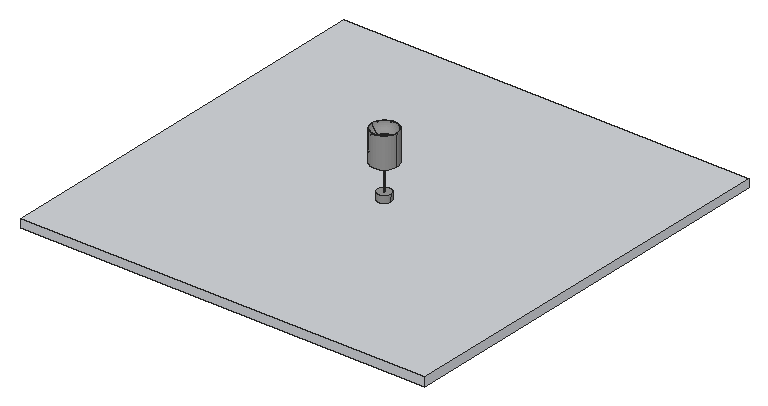
Revit family "LAMP_KOMBIC 150 SURFACE 3000 CRI80 OPAL", category Luminarias, Revit 2018
Family settings
  Anfitrión = Cara
  Cota de conector redondo = Diámetro de uso
  Tipo de pieza = Normal
  Corte con vacíos al cargar = No
  Origen de luz = Sí
  Compartido = No
  Punto de cálculo de habitación = No
Parameters (values of type "2010LM 3000K  M/B")
  Ángulo de inclinación = -90.00°
  Weight = 1.478 kg
  UGR = ""
  Type = "COB PHILIPS"
  Protection rating = "IP40"
  Product datasheet = "http://www.lamp.es/product-files/TECH/K21SF3040OP830NMB-EN.pdf"
  Product code = "K21SF3040OP830NMB"
  Product URL = "https://www.lamp.es/en/family/kombic-surface_474354"
  Power Supply = "220-240V 50/60Hz"
  Power = 17.6 W
  Plum = 19.8 W
  Modelo = Product code  # "K21SF3040OP830NMB"
  Model explanation = "Possibility of chossing between surface or suspended within the model"
  Material reflector = LAMP_PC Reflector Kombic Metalizado Mate
  Material floron = LAMP_Plástico genérico NG
  Material difusor = LAMP_PMMA Difusor Kombic
  Material cuerpo = LAMP_Plástico genérico NG
  Material cable suspension = LAMP_Acero genérico
  Manufacturer name = "LAMP"
  Manufacturer country = "Spain"
  Manufacturer URL = "http://www.lamp.es/en"
  MacAdam = "3"
  Luminaire type = "Suspended"
  Last update = "02/09/2021"
  Lamp = "COB LED"
  LED Lifetime = "50.000 L80 B10"
  Insulation class = "II"
  Installation instructions = "https://www.lamp.es/product-files/packed/by-family/474354_INS_all.zip"
  IEE = "A+"
  Height suspension [instance] = 200 mm
  Height distance [instance] = if(Surface, 0.1 mm, if(Ceiling rose, if(Height suspension > 38 mm, if(Height suspension < 2000 mm, Height suspension, 2000 mm), 38 mm), 37 mm))  # 200 mm
  Wattage = 19.8 W
  built-in parameter 1150107 = 3000 (stored number, unit not read)
  Surface [instance] = no
  built-in parameter 1150110 = 1 (stored number, unit not read)
  built-in parameter 1150109 = 1 (stored number, unit not read)
  built-in parameter 1150112 = 1 (stored number, unit not read)
  built-in parameter 1150113 = 1 (stored number, unit not read)
  built-in parameter 1114218 = 1 (stored number, unit not read)
  built-in parameter 1150137 = (empty or 0)
  built-in parameter 1150132 = 2
  built-in parameter 1150105 = 1989.3 (stored number, unit not read)
  built-in parameter 1150102 = (empty or 0)
  built-in parameter 1150106 = 19.893 (stored number, unit not read)
  Height = 180 mm
  Gear = "Electronic"
  Lumens = 2009.7 lm
  Finish = "Matte black RAL 9011"
  Color Filter = 16777215
  built-in parameter 1114217 = 1 (stored number, unit not read)
  built-in parameter 1150139 = (empty or 0)
  Fabricante = Manufacturer name  # "LAMP"
  Default Elevation = 1219.2 mm
  built-in parameter 1150104 = 9.4297 (stored number, unit not read)
  Efficacy = 101.5 lm/W
  Diameter = 150 mm
  built-in parameter 1150115 = 1 (stored number, unit not read)
  built-in parameter 1150114 = 1 (stored number, unit not read)
  built-in parameter 1150138 = (empty or 0)
  built-in parameter 1150134 = (empty or 0)
  Ceiling rose [instance] = not(Surface)  # yes
  Dimming Lamp Color Temperature Shift = (empty or 0)
  CRI = "80"
  Archivo de red fotométrica = "K21SF3040OP830NMB.IES"
  built-in parameter 1150133 = 10 (stored number, unit not read)
Types (12, lengths in mm): name | Product datasheet | Product code | Modelo | Material reflector | Material floron | Material cuerpo | Wattage | built-in parameter 1150107 | built-in parameter 1150105 | built-in parameter 1150106 | Lumens | Finish | built-in parameter 1150104 | Efficacy | built-in parameter 1150134 | Archivo de red fotométrica
  2010LM 3000K  M/B | "http://www.lamp.es/product-files/TECH/K21SF3040OP830NMB-EN.pdf" | "K21SF3040OP830NMB" | "K21SF3040OP830NMB" | LAMP_PC Reflector Kombic Metalizado Mate | LAMP_Plástico genérico NG | LAMP_Plástico genérico NG | 19.8 W | 3000 (stored number, unit not read) | 1989.3 (stored number, unit not read) | 19.893 (stored number, unit not read) | 2009.7 lm | "Matte black RAL 9011" | 9.4297 (stored number, unit not read) | 101.5 lm/W | (empty or 0) | "K21SF3040OP830NMB.IES"
  2010LM 3000K  M/W | "http://www.lamp.es/product-files/TECH/K21SF3040OP830NMW-EN.pdf" | "K21SF3040OP830NMW" | "K21SF3040OP830NMW" | LAMP_PC Reflector Kombic Metalizado Mate | LAMP_Plástico genérico BL | LAMP_Plástico genérico BL | 19.8 W | 3000 (stored number, unit not read) | 1989.3 (stored number, unit not read) | 19.893 (stored number, unit not read) | 2009.7 lm | "Matte white RAL 9010" | 9.4297 (stored number, unit not read) | 101.5 lm/W | (empty or 0) | "K21SF3040OP830NMW.IES"
  2074LM 3000K  W/B | "http://www.lamp.es/product-files/TECH/K21SF3040OP830NWB-EN.pdf" | "K21SF3040OP830NWB" | "K21SF3040OP830NWB" | LAMP_PC Reflector Kombic Blanco | LAMP_Plástico genérico NG | LAMP_Plástico genérico NG | 19.8 W | 3000 (stored number, unit not read) | 2052.1 (stored number, unit not read) | 20.521 (stored number, unit not read) | 2073.06 lm | "Matte black RAL 9011" | 9.7269 (stored number, unit not read) | 104.7 lm/W | (empty or 0) | "K21SF3040OP830NWB.IES"
  2074LM 3000K  W/W | "http://www.lamp.es/product-files/TECH/K21SF3040OP830NWW-EN.pdf" | "K21SF3040OP830NWW" | "K21SF3040OP830NWW" | LAMP_PC Reflector Kombic Blanco | LAMP_Plástico genérico BL | LAMP_Plástico genérico BL | 18.9 W | 3000 (stored number, unit not read) | 1958.8 (stored number, unit not read) | 19.588 (stored number, unit not read) | 1978.83 lm | "Matte white RAL 9010" | 9.7269 (stored number, unit not read) | 104.7 lm/W | (empty or 0) | "K21SF3040OP830NWW.IES"
  2094LM 4000K  M/B | "http://www.lamp.es/product-files/TECH/K21SF3040OP840NMB-EN.pdf" | "K21SF3040OP840NMB" | "K21SF3040OP840NMB" | LAMP_PC Reflector Kombic Metalizado Mate | LAMP_Plástico genérico NG | LAMP_Plástico genérico NG | 19.8 W | 4000 (stored number, unit not read) | 2073.6 (stored number, unit not read) | 20.736 (stored number, unit not read) | 2094.84 lm | "Matte black RAL 9011" | 9.8291 (stored number, unit not read) | 105.8 lm/W | 12 | "K21SF3040OP840NMB.IES"
  2094LM 4000K  M/W | "http://www.lamp.es/product-files/TECH/K21SF3040OP840NMW-EN.pdf" | "K21SF3040OP840NMW" | "K21SF3040OP840NMW" | LAMP_PC Reflector Kombic Metalizado Mate | LAMP_Plástico genérico BL | LAMP_Plástico genérico BL | 19.8 W | 4000 (stored number, unit not read) | 2073.6 (stored number, unit not read) | 20.736 (stored number, unit not read) | 2094.84 lm | "Matte white RAL 9010" | 9.8291 (stored number, unit not read) | 105.8 lm/W | 12 | "K21SF3040OP840NMW.IES"
  2096LM 3000K  BR/B | "http://www.lamp.es/product-files/TECH/K21SF3040OP830NRB-EN.pdf" | "K21SF3040OP830NRB" | "K21SF3040OP830NRB" | LAMP_PC Reflector Kombic Metalizado Brillante | LAMP_Plástico genérico NG | LAMP_Plástico genérico NG | 19.8 W | 3000 (stored number, unit not read) | 2075.6 (stored number, unit not read) | 20.756 (stored number, unit not read) | 2096.82 lm | "Matte black RAL 9011" | 9.8384 (stored number, unit not read) | 105.9 lm/W | (empty or 0) | "K21SF3040OP830NRB.IES"
  2096LM 3000K  BR/W | "http://www.lamp.es/product-files/TECH/K21SF3040OP830NRW-EN.pdf" | "K21SF3040OP830NRW" | "K21SF3040OP830NRW" | LAMP_PC Reflector Kombic Metalizado Brillante | LAMP_Plástico genérico BL | LAMP_Plástico genérico BL | 19.8 W | 3000 (stored number, unit not read) | 2075.6 (stored number, unit not read) | 20.756 (stored number, unit not read) | 2096.82 lm | "Matte white RAL 9010" | 9.8384 (stored number, unit not read) | 105.9 lm/W | (empty or 0) | "K21SF3040OP830NRW.IES"
  2161LM 4000K  W/B | "http://www.lamp.es/product-files/TECH/K21SF3040OP840NWB-EN.pdf" | "K21SF3040OP840NWB" | "K21SF3040OP840NWB" | LAMP_PC Reflector Kombic Blanco | LAMP_Plástico genérico NG | LAMP_Plástico genérico NG | 19.8 W | 4000 (stored number, unit not read) | 2138.3 (stored number, unit not read) | 21.383 (stored number, unit not read) | 2160.18 lm | "Matte black RAL 9011" | 10.136 (stored number, unit not read) | 109.1 lm/W | 12 | "K21SF3040OP840NWB.IES"
  2161LM 4000K  W/W | "http://www.lamp.es/product-files/TECH/K21SF3040OP840NWW-EN.pdf" | "K21SF3040OP840NWW" | "K21SF3040OP840NWW" | LAMP_PC Reflector Kombic Blanco | LAMP_Plástico genérico BL | LAMP_Plástico genérico BL | 19.8 W | 4000 (stored number, unit not read) | 2138.3 (stored number, unit not read) | 21.383 (stored number, unit not read) | 2160.18 lm | "Matte white RAL 9010" | 10.136 (stored number, unit not read) | 109.1 lm/W | 12 | "K21SF3040OP840NWW.IES"
  2184LM 4000K  BR/B | "http://www.lamp.es/product-files/TECH/K21SF3040OP840NRB-EN.pdf" | "K21SF3040OP840NRB" | "K21SF3040OP840NRB" | LAMP_PC Reflector Kombic Metalizado Brillante | LAMP_Plástico genérico NG | LAMP_Plástico genérico NG | 19.8 W | 4000 (stored number, unit not read) | 2161.8 (stored number, unit not read) | 21.618 (stored number, unit not read) | 2183.94 lm | "Matte black RAL 9011" | 10.247 (stored number, unit not read) | 110.3 lm/W | 12 | "K21SF3040OP840NRB.IES"
  2184LM 4000K  BR/W | "http://www.lamp.es/product-files/TECH/K21SF3040OP840NRW-EN.pdf" | "K21SF3040OP840NRW" | "K21SF3040OP840NRW" | LAMP_PC Reflector Kombic Metalizado Brillante | LAMP_Plástico genérico BL | LAMP_Plástico genérico BL | 19.8 W | 4000 (stored number, unit not read) | 2161.8 (stored number, unit not read) | 21.618 (stored number, unit not read) | 2183.94 lm | "Matte white RAL 9010" | 10.247 (stored number, unit not read) | 110.3 lm/W | 12 | "K21SF3040OP840NRW.IES"
Reference planes
  plane 1 "Centro (Frontal/Posterior)": y = 0
  plane 2: z = 0
  plane 3 "Centro (Izquierda/Derecha)": x = 0
Forms (mm)
  Extrusion 1, solid
    sketch origin (0, 0, 0) x (1, 0, 0) y (0, 1, 0)
      loop
        line (-1219.2, 1219.2) -> (-1219.2, -1219.2) -> (1219.2, -1219.2) -> (1219.2, 1219.2) -> (-1219.2, 1219.2)
    from 0 to -50
  Extrusion 2, solid, material "LAMP_Plástico genérico NG" <- "Material cuerpo"
    sketch origin (0, 0, 0) x (1, 0, 0) y (0, 1, 0)
      loop
        circle (0, 0) r 77.5
    from 200 to 380
  Extrusion 3, void
    sketch origin (0, 0, 0) x (1, 0, 0) y (0, 1, 0)
      loop
        circle (0, 0) r 76.5
    from 270.588 to 380
  Sweep 4, solid, material "LAMP_PC Reflector Kombic Metalizado Mate" <- "Material reflector"
    path origin (105.103, -251.845, 380) x (1, 0, 0) y (0, 1, 0)
      loop
        circle (-105.103, 251.959) r 48
    profile origin (0, 48.114, 380) x (0, -1, 0) y (0, 0, 1)
      loop
        arc (-28.386, 0) -> (-15.5, -31.664) -> (14.364, -48.3) r 51.542
        line (14.364, -48.3) -> (14.364, -47.3)
        arc (14.364, -47.3) -> (-14.949, -31.098) -> (-27.386, 0) r 49.836
        line (-27.386, 0) -> (-28.386, 0)
  Extrusion 5, solid, material "LAMP_PMMA Difusor Kombic" <- "Material difusor"
    sketch origin (0, 0, 0) x (1, 0, 0) y (0, 1, 0)
      loop
        circle (0, 0) r 33.636
    from 331.7 to 332.7
  Extrusion 6, solid, material "LAMP_Plástico genérico NG" <- "Material floron", visible <- "Ceiling rose"
    sketch origin (0, 0, 0) x (1, 0, 0) y (0, 1, 0)
      loop
        circle (0, 0) r 42
    from 0 to 37
  Extrusion 7, solid, material "LAMP_Acero genérico" <- "Material cable suspension", visible <- "Ceiling rose"
    sketch origin (0, 0, 0) x (1, 0, 0) y (0, 1, 0)
      loop
        circle (0, 0) r 1
    from 37 to 200
Cuts and joins
  Extrusion 3 cuts Extrusion 2
Text (mm)
  text "Any modification of the parameters and properties of the LAMP BIM models must be executed and validated by the LAMP technical department.\nPhone: +34 93 736 68 00\nE-mail: lamp@lamp.es\n\nLAMP reserves the right to modify the technical specifications of its products." at (1856.491, -4316.333, -2622.127), in view "Preview"
Dimensions and locks
  "Height distance": Extrusion 2 to Extrusion 1
  locked: Extrusion 2 to Extrusion 2 at 180
  locked: cut or joined group of Extrusion 2, Extrusion 3 to cut or joined group of Extrusion 2, Extrusion 3 at 109.412
  aligned and locked: plane 2 to Extrusion 1
  aligned and locked: level to Extrusion 1
  aligned and locked: Extrusion 2 to Extrusion 3
  aligned and locked: Extrusion 7 to Extrusion 6
  aligned and locked: Extrusion 7 to cut or joined group of Extrusion 2, Extrusion 3
  aligned and locked: imposter light to cut or joined group of Extrusion 2, Extrusion 3
  aligned and locked: Extrusion 5 to Sweep 4  (x2)
Automatic sketch dimensions
  Extrusion 1 sketch curve to Extrusion 1 sketch curve = 2438.4 mm  (x2)
  plane 1 "Centro (Frontal/Posterior)" to Extrusion 2 sketch curve = 0 mm
  Extrusion 2 sketch curve to plane 3 "Centro (Izquierda/Derecha)" = 0 mm
  plane 1 "Centro (Frontal/Posterior)" to Extrusion 3 sketch curve = 0 mm
  Extrusion 3 sketch curve to plane 3 "Centro (Izquierda/Derecha)" = 0 mm
  plane 1 "Centro (Frontal/Posterior)" to Extrusion 6 sketch curve = 0 mm
  Extrusion 6 sketch curve to plane 3 "Centro (Izquierda/Derecha)" = 0 mm
  plane 1 "Centro (Frontal/Posterior)" to Extrusion 7 sketch curve = 0 mm
  Extrusion 7 sketch curve to plane 3 "Centro (Izquierda/Derecha)" = 0 mm
  Sweep 4 sketch curve to profile plane = 0 mm
  profile plane to Sweep 4 sketch curve = 28.386 mm
  profile plane to Sweep 4 sketch curve = 1.881 mm
  Sweep 4 sketch curve to profile plane = 22.414 mm
  Sweep 4 sketch curve to Sweep 4 sketch curve = 0.681 mm
  Sweep 4 sketch curve to Sweep 4 sketch curve = 1 mm  (x2)
  Sweep 4 sketch curve to profile plane = 14.364 mm
  plane 1 "Centro (Frontal/Posterior)" to Extrusion 5 sketch curve = 0 mm
  Extrusion 5 sketch curve to plane 3 "Centro (Izquierda/Derecha)" = 0 mm
  radius of Extrusion 2 sketch curve = 77.5 mm
  radius of Extrusion 3 sketch curve = 76.5 mm
  radius of Sweep 4 sketch curve = 48 mm
  radius of Extrusion 6 sketch curve = 42 mm
  radius of Extrusion 7 sketch curve = 1 mm
  radius of Extrusion 5 sketch curve = 33.636 mm
Connectors
  electrical at (0, 0, 200)
    settings: on cut or joined group of Extrusion 2, Extrusion 3, index 1, voltage 230 V, apparent load 0 VA, apparent load phase1 0 VA, apparent load phase2 0 VA, apparent load phase3 0 VA, power factor 1, load classification "Otro", number of poles 1, system type 31, power factor state 1, is connector primary yes, connector utility no, sub classification motor no, connector description ""
